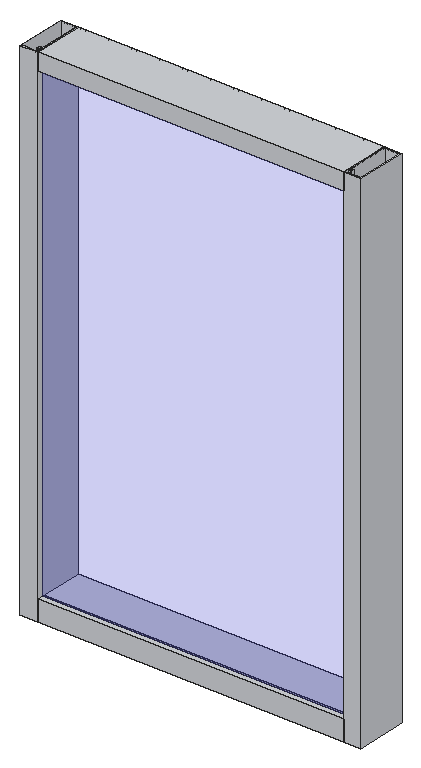
Revit family "Hunter Evo 150mm Single Flush Glazed Framing", category Windows, host Wall, Revit 2021
Family settings
  Host = Wall
  OmniClass Number = 23.30.20.00
  OmniClass Title = Windows
  Always vertical = Yes
  Cut with Voids When Loaded = No
  Shared = No
  Room Calculation Point = No
Parameters
  Single Glazed [instance] = yes
  Rough Width = 0 mm  # constant formula
  Rough Height = 0 mm  # constant formula
  Height [instance] = 1500 mm
  Double Glazed [instance] = not(Single Glazed)  # no
  Default Sill Height = 800 mm
  Wall Closure = By host
  Width [instance] = 1000 mm
Reference planes
  plane 1 "Center (Front/Back)": y = 0
  plane 2 "Center (Left/Right)": x = 0
  plane 3 "Left": x = -500
  plane 4 "Right": x = 500
  plane 5 "Sill": z = 800
  plane 6 "Head": z = 2300
  plane 7 "Exterior": y = 100
  plane 8 "Interior": y = -100
Lines and regions (mm)
  Opening 1
    outline origin (3500, -100, 0) x (1, 0, 0) y (0, 0, 1)
      loop
        line (-3000, 800) -> (-3000, 2300) -> (-4000, 2300) -> (-4000, 800) -> (-3000, 800)
Text (mm)
  text "Exterior" at (-1963.203, 1332.353, 0), in view "Ref. Level"
  text "Interior" at (-1981.466, -818.386, 0), in view "Ref. Level"
  text "Exterior" at (0, 923.751, 2943.296), in view "Right"
  text "Exterior" at (0, 1040.484, 2685.409), in view "Left"
Dimensions and locks
  equal spacing: plane 3 "Left", plane 2 "Center (Left/Right)", plane 4 "Right"
  "Width": plane 3 "Left" to plane 4 "Right"
  "Height": plane 5 "Sill" to plane 6 "Head"
  "Default Sill Height": plane 5 "Sill" to level
  locked: plane 7 "Exterior" to host wall
  locked: plane 8 "Interior" to host wall
  aligned and locked: nested 1 to plane 3 "Left"
  aligned and locked: nested 1 to plane 4 "Right"
  aligned and locked: host wall to nested 1
  aligned and locked: nested 1 to plane 6 "Head"
  aligned and locked: nested 1 to plane 5 "Sill"
Automatic sketch dimensions
  Opening 1 sketch curve to plane 3 "Left" = 0 mm
  Opening 1 sketch curve to plane 4 "Right" = 0 mm
  Opening 1 sketch curve to plane 5 "Sill" = 0 mm
  Opening 1 sketch curve to plane 6 "Head" = 0 mm
Nested families
  nested 1: "Hunter Evo 150mm Single Flush Glazed Framing" at (0, -0.979, 411.318), type "Hunter Evo 150mm Single Flush Glazed Framing"
    with Width 1000 mm, Height 1500 mm, Glass Thk Control 6 mm, Glass Thickness 6 mm, Glass Glass, Frame Material none
Definition of nested family "Hunter Evo 150mm Single Flush Glazed Framing"
  Parameters (values of type "Hunter Evo 150mm Single Flush Glazed Framing")
    Width [instance] = 750 mm
    URL = "https://www.alspec.com.au/derwent-76mm-centre-pocket-framing"
    Manufacturer = "ALSPEC"
    Jamb Thickness = 50 mm  # constant formula
    Height [instance] = 750 mm
    Glass Thk Control [instance] = if(Glass Thickness > 14 mm, 14 mm, if(Glass Thickness < 4 mm, 4 mm, Glass Thickness))  # 6 mm
    Glass Thickness [instance] = 6 mm
    Glass [instance] = none
    Frame Material [instance] = none
    Designer = "Viraj Mhatre"
    Default Elevation = 0 mm
  Reference planes
    plane 1 "Center (Front/Back)": y = 0.979
    plane 2: z = 368.682
    plane 3 "Center (Left/Right)": x = 0
    plane 4 "Head Top": z = 1138.682
    plane 5 "Sill Bottom": z = 388.682
    plane 6: x = -375
    plane 7: x = -325
    plane 8: x = 325
    plane 9: x = 375
    plane 10: y = 3.979
    plane 11: y = -2.021
  Forms (mm)
    Extrusion 1, solid, material <- "Glass"
      sketch origin (0, 0, 368.682) x (1, 0, 0) y (0, 1, 0)
        loop
          line (-335, 3.979) -> (-335, -2.021) -> (335, -2.021) -> (335, 3.979) -> (-335, 3.979)
      from 70.496 to 730
    Sweep 2, solid, material <- "Frame Material"
      path origin (0, 0, 368.682) x (1, 0, 0) y (0, 1, 0)
        loop
          line (-335, 3.934) -> (-325, 3.934) -> (-325, 47.002) -> (-325, 132.241) -> (-375, 132.241) -> (-375, -17.759) -> (-325, -17.759) -> (-325, -1.975) -> (-335, -1.975) -> (-335, 3.934)
      profile origin (-335, 0.979, 368.682) x (1, 0, 0) y (0, 0, 1)
        loop
          line (0, 20) -> (0, 770) -> (-2, 770) -> (-2, 20) -> (0, 20)
    Sweep 3, solid, material <- "Frame Material"
      path origin (0, 0, 368.682) x (1, 0, 0) y (0, 1, 0)
        loop
          line (335, 3.934) -> (335, -1.975) -> (325, -1.975) -> (325, -17.759) -> (375, -17.759) -> (375, 132.241) -> (325, 132.241) -> (325, 47.002) -> (325, 3.934) -> (335, 3.934)
      profile origin (335, 0.979, 368.682) x (1, 0, 0) y (0, 0, 1)
        loop
          line (0, 20) -> (2, 20) -> (2, 770) -> (0, 770) -> (0, 20)
    Sweep 4, solid, material <- "Frame Material"
      path origin (0, 0, 0) x (0, 1, 0) y (0, 0, 1)
        loop
          line (132.265, 1138.682) -> (-17.735, 1138.682) -> (-17.735, 1088.682) -> (-1.97, 1088.682) -> (-1.97, 1098.682) -> (3.928, 1098.682) -> (3.928, 1088.682) -> (132.265, 1088.682) -> (132.265, 1138.682)
      profile origin (0, 132.265, 1113.682) x (1, 0, 0) y (0, 1, 0)
        loop
          line (-325, 0) -> (-325, -2) -> (325, -2) -> (325, 0) -> (-325, 0)
    Sweep 5, solid, material <- "Frame Material"
      path origin (0, 0, 0) x (0, 1, 0) y (0, 0, 1)
        loop
          line (3.919, 449.182) -> (3.919, 439.178) -> (-1.96, 439.178) -> (-1.96, 449.178) -> (-17.444, 449.178) -> (-17.444, 388.682) -> (141.006, 388.682) -> (141.006, 418.682) -> (131.953, 418.682) -> (131.953, 449.182) -> (3.919, 449.182)
      profile origin (0, 3.919, 444.18) x (1, 0, 0) y (0, 1, 0)
        loop
          line (-325, 0) -> (325, 0) -> (325, 2) -> (-325, 2) -> (-325, 0)
  Dimensions and locks
    "Height": plane 4 "Head Top" to plane 5 "Sill Bottom"
    "Jamb Thickness": plane 6 to plane 7
    "Jamb Thickness": plane 8 to plane 9
    equal spacing: plane 10, plane 1 "Center (Front/Back)", plane 11
    "Glass Thickness": plane 10 to plane 11
    equal spacing: plane 6, plane 3 "Center (Left/Right)", plane 9
    "Width": plane 6 to plane 9
    locked: plane 5 "Sill Bottom" to level at 20
    aligned and locked: level to plane 2
    aligned and locked: Extrusion 1 sketch curve to plane 10
    aligned and locked: plane 11 to Extrusion 1 sketch curve
    aligned and locked: plane 1 "Center (Front/Back)" to import instance  (x2)
    aligned and locked: plane 6 to import instance
    aligned and locked: import instance to plane 1 "Center (Front/Back)"  (x2)
    aligned and locked: plane 9 to import instance
    aligned and locked: import instance to plane 4 "Head Top"
    aligned and locked: import instance to plane 5 "Sill Bottom"
    aligned and locked: Extrusion 1 to import instance  (x4)
    aligned and locked: import instance to Sweep 2 sketch curve
    aligned and locked: Sweep 2 sketch curve to import instance  (x8)
    aligned and locked: import instance to Sweep 3 sketch curve
    aligned and locked: Sweep 3 sketch curve to import instance  (x8)
    aligned and locked: Sweep 4 sketch curve to import instance  (x7)
    aligned and locked: import instance to Sweep 4 sketch curve
    aligned and locked: Sweep 5 sketch curve to import instance  (x9)
    aligned and locked: import instance to Sweep 5 sketch curve
    aligned and locked: Sweep 5 sketch curve to plane 8
    aligned and locked: plane 7 to Sweep 5 sketch curve
    aligned and locked: Sweep 4 sketch curve to plane 7
    aligned and locked: plane 8 to Sweep 4 sketch curve
    aligned and locked: Sweep 2 sketch curve to plane 4 "Head Top"
    aligned and locked: plane 5 "Sill Bottom" to Sweep 2 sketch curve
    aligned and locked: plane 4 "Head Top" to Sweep 3 sketch curve
    aligned and locked: Sweep 3 sketch curve to plane 5 "Sill Bottom"
  Automatic sketch dimensions
    Extrusion 1 sketch curve to plane 7 = 10 mm
    plane 8 to Extrusion 1 sketch curve = 10 mm
    plane 10 to Sweep 2 sketch curve = 43.023 mm
    profile plane to Sweep 2 sketch curve = 0 mm
    profile plane to Sweep 2 sketch curve = 2 mm
    plane 10 to Sweep 3 sketch curve = 43.023 mm
    profile plane to Sweep 3 sketch curve = 0 mm
    Sweep 3 sketch curve to profile plane = 2 mm
    profile plane to Sweep 4 sketch curve = 0 mm
    profile plane to Sweep 4 sketch curve = 2 mm
    profile plane to Sweep 5 sketch curve = 0 mm
    Sweep 5 sketch curve to profile plane = 2 mm
